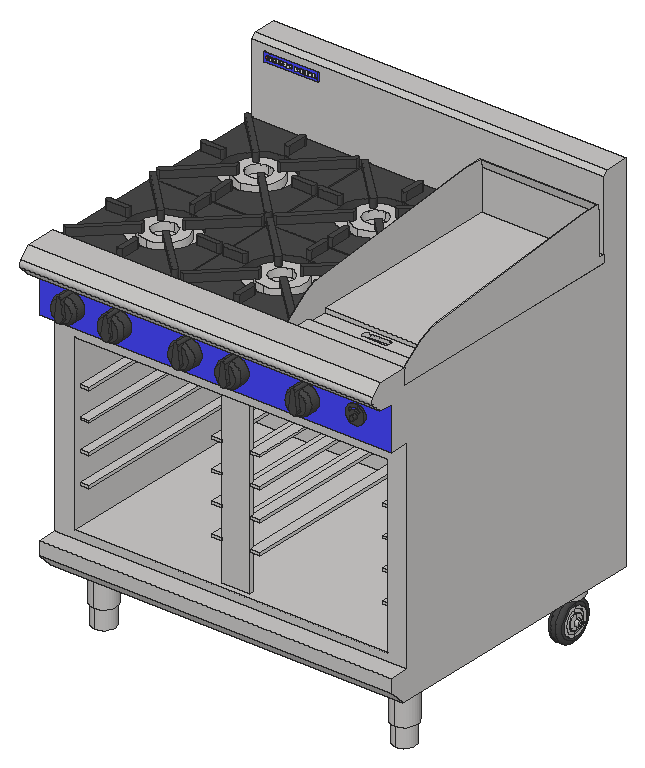
Revit family "QF_MOFFAT_BLUESEAL_CE_G516C-CB", category Specialty Equipment, Revit 2012 (continued)
Definition of nested family "GAS BURNER 600 & GRIDDLE 300"
  Definition of nested family "GAS BURNER 600"
    Automatic sketch dimensions
      Extrusion 3 sketch curve to Extrusion 3 sketch curve = 27 mm  (x2)
      Extrusion 3 sketch curve to Extrusion 3 sketch curve = 30 mm  (x2)
      Extrusion 3 sketch curve to plane 5 "FRONT" = 225.5 mm
      plane 3 "LEFT" to Extrusion 3 sketch curve = 150 mm  (x2)
      plane 4 "RIGHT" to Extrusion 4 sketch curve = 4 mm  (x2)
      plane 1 "BACK" to Extrusion 4 sketch curve = 0 mm
      plane 4 "RIGHT" to Extrusion 4 sketch curve = 1 mm  (x2)
      Extrusion 4 sketch curve to Extrusion 4 sketch curve = 3 mm  (x5)
      plane 8 "Center X" to Extrusion 4 sketch curve = 149 mm
      plane 7 "Center Y" to Extrusion 4 sketch curve = 1 mm  (x2)
      plane 8 "Center X" to Extrusion 4 sketch curve = 2 mm  (x2)
      Extrusion 4 sketch curve to plane 5 "FRONT" = 166.5 mm
      Extrusion 4 sketch curve to plane 5 "FRONT" = 3 mm  (x2)
      plane 4 "RIGHT" to Extrusion 4 sketch curve = 149.991 mm  (x2)
      Extrusion 5 sketch curve to Extrusion 4 = 22.602 mm  (x2)
      Extrusion 5 sketch curve to Extrusion 4 = 25.398 mm  (x2)
      Extrusion 5 sketch curve to Extrusion 5 sketch curve = 4.525 mm  (x16)
      Extrusion 5 sketch curve to Extrusion 5 sketch curve = 49.204 mm  (x4)
      Extrusion 5 sketch curve to Extrusion 5 sketch curve = 55.923 mm  (x5)
      Extrusion 5 sketch curve to Extrusion 5 sketch curve = 0 mm  (x6)
      Extrusion 5 sketch curve to Extrusion 5 sketch curve = 20.524 mm  (x7)
      Extrusion 5 sketch curve to Extrusion 5 sketch curve = 6.4 mm  (x8)
      Extrusion 5 sketch curve to Extrusion 5 sketch curve = 53.847 mm  (x8)
      Extrusion 5 sketch curve to Extrusion 4 = 56.602 mm
      Extrusion 5 sketch curve to Extrusion 4 = 5.102 mm  (x6)
      Extrusion 5 sketch curve to Extrusion 4 = 13.653 mm  (x2)
      Extrusion 5 sketch curve to Extrusion 4 = 7.398 mm  (x2)
      Extrusion 5 sketch curve to Extrusion 4 = 4.602 mm  (x2)
      Extrusion 5 sketch curve to Extrusion 4 = 7.898 mm  (x4)
      Extrusion 5 sketch curve to Extrusion 4 = 31.653 mm  (x2)
      Extrusion 5 sketch curve to Extrusion 4 = 57.102 mm  (x2)
      Extrusion 5 sketch curve to Extrusion 4 = 14.153 mm
      Extrusion 6 sketch curve to Extrusion 6 sketch curve = 0 mm  (x24)
      plane 8 "Center X" to Extrusion 6 sketch curve = 208 mm
      Extrusion 6 sketch curve to Extrusion 6 sketch curve = 27 mm  (x2)
      Extrusion 6 sketch curve to Extrusion 6 sketch curve = 30 mm  (x2)
      Extrusion 6 sketch curve to plane 5 "FRONT" = 225.5 mm
      plane 4 "RIGHT" to Extrusion 6 sketch curve = 150 mm  (x2)
      curve 1 to plane 7 "Center Y" = 123.076 mm
      curve 2 to curve 2 = 4.525 mm
      curve 1 to plane 7 "Center Y" = 15.153 mm
      curve 1 to curve 4 = 4.525 mm
      plane 1 "BACK" to curve 3 = 139.576 mm
      plane 1 "BACK" to curve 4 = 31.653 mm
      curve 7 to plane 7 "Center Y" = 58.102 mm
      curve 8 to plane 7 "Center Y" = 8.898 mm
      curve 8 to curve 2 = 20.524 mm
      curve 6 to curve 5 = 6.4 mm
      plane 7 "Center Y" to curve 9 = 6.102 mm
      curve 9 to curve 12 = 4.525 mm
      plane 7 "Center Y" to curve 10 = 114.025 mm
      curve 10 to curve 10 = 4.525 mm
      curve 5 to curve 10 = 20.524 mm
      curve 3 to curve 9 = 0 mm
      plane 1 "BACK" to curve 13 = 25.398 mm
      curve 10 to curve 13 = 20.524 mm
      curve 13 to curve 16 = 6.4 mm
      curve 14 to curve 15 = 49.204 mm
      curve 11 to curve 17 = 53.847 mm
      curve 18 to curve 18 = 4.525 mm
      plane 4 "RIGHT" to curve 17 = 15.153 mm
      curve 20 to curve 20 = 4.525 mm
      curve 18 to curve 11 = 9.051 mm
      plane 1 "BACK" to curve 20 = 31.653 mm
      plane 4 "RIGHT" to curve 22 = 58.102 mm
      plane 4 "RIGHT" to curve 21 = 8.898 mm
      curve 23 to curve 18 = 33.324 mm
      curve 22 to curve 22 = 6.4 mm
      curve 26 to curve 18 = 9.051 mm
      curve 27 to curve 26 = 4.525 mm
      plane 8 "Center X" to curve 27 = 3.602 mm
      plane 4 "RIGHT" to curve 27 = 15.153 mm
      curve 27 to curve 28 = 4.525 mm
      curve 27 to curve 18 = 62.898 mm
      curve 30 to curve 26 = 31.449 mm
      curve 192 to curve 27 = 21.025 mm
      curve 26 to curve 29 = 31.449 mm
      curve 14 to curve 31 = 0.009 mm
      curve 32 to curve 29 = 29.082 mm
      curve 31 to curve 29 = 2 mm
      curve 29 to curve 33 = 0 mm  (x2)
      curve 29 to curve 34 = 27 mm
      curve 211 to curve 2 = 31.449 mm
      curve 35 to curve 3 = 83.924 mm
      curve 35 to curve 2 = 31.449 mm
      curve 37 to curve 211 = 0.009 mm
      curve 216 to curve 35 = 29.082 mm
      curve 38 to curve 36 = 2 mm
      curve 42 to curve 185 = 6.391 mm
      curve 41 to curve 40 = 6.4 mm
      curve 185 to curve 41 = 9.816 mm
      plane 1 "BACK" to curve 41 = 25.398 mm
      plane 7 "Center Y" to curve 44 = 8.898 mm
      curve 44 to curve 45 = 49.204 mm
      curve 7 to curve 44 = 0 mm
      curve 45 to curve 44 = 6.4 mm
      plane 7 "Center Y" to curve 48 = 6.102 mm
      curve 48 to curve 48 = 4.525 mm
      curve 50 to curve 33 = 35.975 mm
      curve 47 to curve 50 = 4.525 mm
      plane 8 "Center X" to curve 48 = 3.602 mm
      curve 50 to curve 33 = 5.975 mm
      plane 8 "Center X" to curve 53 = 6.398 mm
      curve 53 to curve 32 = 6.409 mm
      curve 53 to curve 54 = 6.4 mm
      curve 52 to curve 32 = 9.316 mm
      plane 1 "BACK" to curve 56 = 0 mm
      plane 7 "Center Y" to curve 57 = 1 mm
      curve 57 to curve 56 = 3 mm
      curve 59 to plane 8 "Center X" = 1 mm
      plane 7 "Center Y" to curve 59 = 4 mm
      plane 4 "RIGHT" to curve 55 = 4 mm
      plane 4 "RIGHT" to curve 59 = 4 mm
      plane 4 "RIGHT" to curve 60 = 1 mm
      plane 1 "BACK" to curve 64 = 0 mm
      curve 66 to plane 8 "Center X" = 1 mm
      plane 3 "LEFT" to curve 66 = 4 mm
      plane 3 "LEFT" to curve 63 = 4 mm
      plane 3 "LEFT" to curve 64 = 1 mm
      curve 70 to plane 7 "Center Y" = 4 mm
      curve 68 to plane 7 "Center Y" = 4 mm
      curve 70 to plane 7 "Center Y" = 1 mm
      plane 5 "FRONT" to curve 74 = 0 mm
      plane 3 "LEFT" to curve 72 = 1 mm
      plane 3 "LEFT" to curve 74 = 4 mm
      curve 71 to curve 66 = 0 mm
      curve 75 to plane 7 "Center Y" = 4 mm
      curve 78 to plane 7 "Center Y" = 4 mm
      curve 77 to plane 7 "Center Y" = 1 mm
      curve 78 to curve 67 = 6 mm
      plane 5 "FRONT" to curve 82 = 0 mm
      plane 7 "Center Y" to curve 80 = 1 mm
      plane 7 "Center Y" to curve 82 = 4 mm
      curve 79 to curve 59 = 0 mm  (x2)
      plane 4 "RIGHT" to curve 83 = 4 mm
      plane 4 "RIGHT" to curve 84 = 1 mm
      curve 78 to curve 80 = 0 mm
      curve 35 to curve 88 = 26.924 mm
      curve 89 to curve 88 = 4.525 mm
      plane 8 "Center X" to curve 90 = 3.602 mm
      curve 90 to curve 68 = 11.153 mm
      curve 89 to curve 90 = 4.525 mm
      curve 35 to curve 89 = 21.025 mm
      plane 3 "LEFT" to curve 94 = 6.102 mm
      curve 94 to curve 94 = 4.525 mm
      curve 92 to curve 38 = 35.966 mm
      curve 92 to curve 92 = 4.525 mm
      plane 8 "Center X" to curve 91 = 3.602 mm
      curve 188 to curve 92 = 21.025 mm
      plane 3 "LEFT" to curve 98 = 8.898 mm
      curve 97 to curve 97 = 49.204 mm
      curve 93 to curve 98 = 20.524 mm
      curve 95 to curve 98 = 6.4 mm
      plane 3 "LEFT" to curve 102 = 6.102 mm
      curve 99 to curve 102 = 4.525 mm
      curve 100 to curve 36 = 35.975 mm
      curve 99 to curve 100 = 4.525 mm
      curve 36 to curve 100 = 26.924 mm
      curve 102 to curve 64 = 28.653 mm
      curve 35 to curve 103 = 0 mm  (x2)
      curve 35 to curve 104 = 27 mm
      curve 107 to curve 38 = 6.391 mm
      curve 107 to curve 108 = 6.4 mm
      plane 8 "Center X" to curve 108 = 6.398 mm
      curve 106 to curve 216 = 9.316 mm
      curve 112 to curve 107 = 0 mm
      curve 111 to curve 110 = 6.4 mm
      curve 111 to plane 8 "Center X" = 60.602 mm
      curve 110 to plane 8 "Center X" = 11.398 mm
      curve 109 to curve 114 = 20.524 mm
      curve 114 to curve 114 = 4.525 mm
      curve 116 to curve 78 = 11.153 mm
      curve 116 to curve 116 = 4.525 mm
      curve 115 to curve 109 = 64.974 mm
      curve 116 to curve 78 = 10.653 mm
      plane 3 "LEFT" to curve 118 = 6.102 mm
      curve 118 to curve 118 = 4.525 mm
      curve 120 to curve 113 = 62.898 mm
      curve 119 to curve 120 = 4.525 mm
      curve 120 to curve 113 = 9.051 mm
      curve 119 to curve 72 = 10.653 mm
      plane 3 "LEFT" to curve 121 = 8.898 mm
      curve 121 to curve 124 = 49.204 mm
      curve 123 to curve 120 = 33.324 mm
      curve 123 to curve 124 = 6.4 mm
      plane 3 "LEFT" to curve 126 = 6.102 mm
      curve 125 to curve 126 = 4.525 mm
      curve 125 to curve 119 = 0 mm
      curve 125 to curve 128 = 4.525 mm
      curve 74 to curve 127 = 19.602 mm
      curve 127 to curve 119 = 62.898 mm
      curve 127 to curve 130 = 20.524 mm
      curve 131 to curve 132 = 6.4 mm
      curve 132 to plane 5 "FRONT" = 25.398 mm
      curve 132 to curve 131 = 47.704 mm
      curve 127 to curve 136 = 53.847 mm
      curve 133 to curve 136 = 4.525 mm
      curve 134 to plane 7 "Center Y" = 15.153 mm
      curve 133 to curve 134 = 4.525 mm
      curve 76 to curve 134 = 19.602 mm
      curve 127 to curve 136 = 0 mm
      curve 208 to curve 130 = 0.009 mm
      curve 130 to curve 208 = 9.316 mm
      curve 137 to curve 120 = 29.949 mm
      curve 137 to curve 200 = 0.009 mm
      curve 208 to curve 139 = 29.082 mm
      curve 137 to curve 203 = 2 mm
      curve 203 to curve 141 = 0 mm  (x2)
      curve 139 to curve 142 = 27 mm
      curve 144 to plane 7 "Center Y" = 58.102 mm
      curve 143 to plane 7 "Center Y" = 8.898 mm
      curve 135 to curve 144 = 20.524 mm
      curve 144 to curve 144 = 6.4 mm
      plane 7 "Center Y" to curve 149 = 6.102 mm
      curve 148 to curve 148 = 4.525 mm
      plane 7 "Center Y" to curve 150 = 114.025 mm
      curve 149 to curve 150 = 4.525 mm
      curve 143 to curve 150 = 20.524 mm
      curve 149 to curve 80 = 10.653 mm
      curve 151 to curve 53 = 0 mm
      curve 151 to curve 154 = 6.4 mm
      curve 152 to plane 8 "Center X" = 60.602 mm
      curve 151 to plane 8 "Center X" = 11.398 mm
      curve 150 to curve 156 = 53.847 mm
      curve 156 to curve 156 = 4.525 mm
      curve 155 to curve 86 = 11.153 mm
      curve 155 to curve 158 = 4.525 mm
      curve 157 to curve 150 = 9.051 mm
      curve 158 to curve 86 = 10.653 mm
      plane 4 "RIGHT" to curve 160 = 58.102 mm
      plane 4 "RIGHT" to curve 159 = 8.898 mm
      curve 161 to curve 156 = 33.324 mm
      curve 160 to curve 160 = 6.4 mm
      curve 164 to curve 156 = 9.051 mm
      curve 164 to curve 164 = 4.525 mm
      plane 4 "RIGHT" to curve 165 = 15.153 mm
      curve 165 to curve 166 = 4.525 mm
      curve 84 to curve 165 = 19.602 mm
      curve 164 to curve 156 = 62.898 mm
      plane 7 "Center Y" to curve 170 = 6.102 mm
      curve 170 to curve 170 = 4.525 mm
      curve 168 to curve 150 = 0 mm
      curve 168 to curve 168 = 4.525 mm  (x2)
      curve 82 to curve 170 = 19.602 mm
      curve 167 to curve 164 = 0 mm
      plane 7 "Center Y" to curve 171 = 8.898 mm
      curve 174 to curve 172 = 49.204 mm
      curve 169 to curve 172 = 20.524 mm
      curve 171 to curve 172 = 6.4 mm
      curve 167 to curve 176 = 20.524 mm
      curve 178 to curve 178 = 6.4 mm
      curve 177 to plane 5 "FRONT" = 25.398 mm
      curve 175 to curve 175 = 47.704 mm
      curve 180 to curve 156 = 31.44 mm
      curve 176 to curve 180 = 9.316 mm
      curve 180 to curve 156 = 29.949 mm
      curve 182 to curve 179 = 0.009 mm
      curve 195 to curve 181 = 29.082 mm
      curve 179 to curve 181 = 2 mm
      curve 181 to curve 183 = 0 mm  (x2)
      curve 181 to curve 184 = 27 mm
      curve 37 to curve 38 = 0 mm  (x2)
      curve 185 to curve 100 = 22.227 mm
      curve 37 to curve 185 = 0 mm
      curve 2 to curve 37 = 22.219 mm
      curve 35 to curve 36 = 0 mm  (x2)
      curve 88 to curve 35 = 3.923 mm
      curve 35 to curve 211 = 0 mm
      curve 193 to curve 92 = 13.004 mm
      curve 29 to curve 30 = 0 mm  (x2)
      curve 189 to curve 10 = 13.126 mm
      curve 29 to curve 189 = 0 mm  (x2)
      curve 18 to curve 190 = 4.076 mm
      curve 29 to curve 190 = 0 mm
      curve 29 to curve 191 = 0 mm  (x2)
      curve 26 to curve 29 = 3.923 mm
      curve 189 to curve 50 = 13.004 mm
      curve 35 to curve 188 = 0 mm
      curve 35 to curve 193 = 0 mm  (x2)
      curve 193 to curve 100 = 13.126 mm
      curve 179 to curve 180 = 0 mm  (x2)
      curve 156 to curve 194 = 33.052 mm
      curve 179 to curve 194 = 0 mm  (x2)
      curve 179 to curve 195 = 0 mm
      curve 181 to curve 198 = 0 mm  (x2)
      curve 164 to curve 181 = 2.142 mm
      curve 181 to curve 196 = 0 mm  (x2)
      curve 198 to curve 168 = 11.581 mm
      curve 181 to curve 182 = 0 mm  (x2)
      curve 182 to curve 150 = 5.985 mm
      curve 181 to curve 197 = 0 mm
      curve 156 to curve 196 = 14.64 mm
      curve 203 to curve 140 = 0 mm  (x2)
      curve 114 to curve 200 = 5.985 mm
      curve 203 to curve 200 = 0 mm
      curve 201 to curve 120 = 14.64 mm
      curve 203 to curve 201 = 0 mm  (x2)
      curve 201 to curve 128 = 11.581 mm
      curve 139 to curve 140 = 0 mm  (x2)
      curve 136 to curve 139 = 2.142 mm
      curve 137 to curve 138 = 0 mm  (x2)
      curve 203 to curve 137 = 9.467 mm
      curve 137 to curve 204 = 0 mm  (x2)
      curve 137 to curve 204 = 8.936 mm
      curve 137 to curve 205 = 0 mm
      curve 205 to curve 140 = 18.13 mm
      curve 206 to curve 205 = 8.937 mm
      curve 206 to curve 205 = 9.165 mm
      curve 137 to curve 206 = 0 mm  (x2)
      curve 138 to curve 201 = 11.124 mm
      curve 139 to curve 202 = 0 mm  (x2)
      curve 202 to curve 202 = 1.784 mm
      curve 137 to curve 208 = 0 mm
      curve 203 to curve 204 = 20.253 mm
      curve 208 to curve 204 = 9.136 mm
      curve 208 to curve 204 = 8.967 mm
      curve 139 to curve 207 = 0 mm
      curve 139 to curve 203 = 9.439 mm
      curve 202 to curve 207 = 4.893 mm
      curve 207 to curve 202 = 4.003 mm
      curve 206 to curve 138 = 9.138 mm
      curve 138 to curve 206 = 8.965 mm
      curve 201 to curve 202 = 2.762 mm
      curve 202 to curve 201 = 2.96 mm
      curve 206 to curve 201 = 18.412 mm
      curve 203 to curve 136 = 6.958 mm
      curve 200 to curve 203 = 8.655 mm
      curve 201 to curve 140 = 9.447 mm
      curve 179 to curve 209 = 0 mm
      curve 210 to curve 182 = 27.057 mm
      curve 179 to curve 210 = 0 mm  (x2)
      curve 180 to curve 197 = 25.774 mm
      curve 181 to curve 199 = 0 mm
      curve 180 to curve 198 = 16.335 mm
      curve 198 to curve 182 = 8.655 mm
      curve 198 to curve 169 = 6.958 mm
      curve 199 to curve 196 = 8.655 mm
      curve 196 to curve 199 = 9.447 mm
      curve 181 to curve 196 = 9.439 mm
      curve 181 to curve 196 = 8.668 mm
      curve 210 to curve 209 = 8.936 mm
      curve 195 to curve 194 = 9.138 mm
      curve 179 to curve 194 = 8.937 mm
      curve 194 to curve 179 = 9.165 mm
      curve 195 to curve 194 = 8.965 mm
      curve 35 to curve 187 = 0 mm  (x2)
      curve 2 to curve 187 = 13.126 mm
      curve 31 to curve 32 = 0 mm  (x2)
      curve 212 to curve 189 = 9.093 mm
      curve 31 to curve 212 = 0 mm
      curve 190 to curve 31 = 18.152 mm
      curve 31 to curve 213 = 0 mm  (x2)
      curve 29 to curve 214 = 19.967 mm
      curve 31 to curve 214 = 0 mm
      curve 31 to curve 215 = 0 mm  (x2)
      curve 32 to curve 192 = 19.959 mm
      curve 31 to curve 213 = 9.204 mm
      curve 29 to curve 192 = 0 mm
      curve 190 to curve 191 = 9.051 mm
      curve 214 to curve 213 = 8.97 mm
      curve 214 to curve 213 = 9.134 mm
      curve 29 to curve 191 = 9.081 mm
      curve 29 to curve 191 = 9.019 mm
      curve 32 to curve 189 = 10.878 mm
      curve 192 to curve 189 = 9.019 mm
      curve 215 to curve 32 = 8.969 mm
      curve 32 to curve 215 = 9.135 mm
      curve 215 to curve 212 = 9.203 mm
      curve 215 to curve 212 = 8.899 mm
      curve 189 to curve 30 = 9.051 mm  (x2)
      curve 37 to curve 186 = 0 mm  (x2)
      curve 187 to curve 186 = 19.847 mm
      curve 37 to curve 216 = 0 mm
      curve 216 to curve 186 = 8.969 mm
      curve 35 to curve 187 = 9.081 mm
      curve 193 to curve 188 = 9.081 mm
      curve 188 to curve 193 = 9.019 mm
      curve 37 to curve 217 = 0 mm  (x2)
      curve 38 to curve 193 = 10.886 mm
      curve 217 to curve 38 = 8.97 mm
      curve 38 to curve 217 = 9.134 mm
      curve 217 to curve 185 = 9.204 mm
      curve 216 to curve 186 = 9.135 mm
      curve 37 to curve 186 = 9.203 mm
      curve 186 to curve 37 = 8.899 mm
      curve 211 to curve 187 = 9.051 mm
      curve 187 to curve 87 = 8.754 mm
      curve 193 to curve 36 = 9.051 mm
      curve 2 to curve 211 = 8.601 mm
      radius of Extrusion 1 sketch curve = 84.082 mm  (x2)
      radius of Extrusion 4 sketch curve = 84.082 mm  (x2)
  Definition of nested family "GAS GRIDDLE PLATE 300"
    Parameters (values of type "GAS GRIDDLE PLATE 300")
      Width [instance] = 300 mm
      Weight in Pounds = 0
      URL Cutsheet = ""
      Type Mark [instance] = ""
      Status [instance] = ""
      Specification by User [instance] = ""
      Specification by Manufacturer = ""
      Serial Number = ""
      Seismic Rating = ""
      SMACNA No = ""
      Revision Code [instance] = ""
      Omniclass Number and Title = ""
      NAFEM Spec ID Number = ""
      Masterspec = ""
      Item Number [instance] = ""
      Installed By [instance] = ""
      Identify Quantity as Lot [instance] = yes
      Furnished By [instance] = ""
      Foodservice Equipment Identifier [instance] = yes
      Depth [instance] = 620 mm
      CSI MasterFormat = ""
      CSI Master Format = ""
    Reference planes
      plane 1 "BACK": y = 0
      plane 2: z = 0
      plane 3 "LEFT": x = 0
      plane 4 "RIGHT": x = 300
      plane 5 "FRONT": y = -620
      plane 6 "TOP": z = 142.5
      plane 7 "Center Y": x = 150
      plane 8 "Center X": y = -310
      plane 9: y = -530.997
      plane 10: y = -541.497
      plane 11: y = -503.25
      plane 12: y = -557.737
    Forms (mm)
      Extrusion 1, solid, material "QF_Finishes_Stainless Steel"
        sketch origin (0, 70.003, -874.5) x (0, 1, 0) y (0, 0, 1)
          loop
            line (-70, 875) -> (-70, 997.489) -> (-75.228, 1017) -> (-117.24, 1017) -> (-589.533, 971.523)
            arc (-589.533, 971.523) -> (-614.56, 965.803) -> (-637.306, 953.899) r 100
            line (-637.306, 953.899) -> (-690.003, 917) -> (-690.003, 875) -> (-70, 875)
        from 0 to 1.8
      Extrusion 2, solid, material "QF_Finishes_Stainless Steel"
        sketch origin (600, 70.003, -874.5) x (0, -1, 0) y (0, 0, 1)
          loop
            line (70, 875) -> (690.003, 875) -> (690.003, 917) -> (637.306, 953.899)
            arc (637.306, 953.899) -> (614.56, 965.803) -> (589.533, 971.523) r 100
            line (589.533, 971.523) -> (117.24, 1017) -> (75.228, 1017) -> (70, 997.489) -> (70, 875)
        from 300 to 301.2
      Extrusion 3, solid, material "QF_Finishes_Stainless Steel"
        sketch origin (150, 70.003, -874.5) x (0, 1, 0) y (0, 0, 1)
          loop
            line (-55, 895) -> (-573.253, 895) -> (-573.253, 884.5) -> (-627.74, 884.5) -> (-627.74, 895) -> (-690.003, 895) -> (-690.003, 875) -> (-55, 875) -> (-55, 895)
        from -148.2 to 150
      Extrusion 4, void
        sketch origin (150, -541.497, 10) x (0, -1, 0) y (1, 0, 0)
          loop
            arc (-7.497, 25) -> (-17.497, 35) -> (-27.497, 25) r 10
            line (-27.497, 25) -> (-27.497, -25)
            arc (-27.497, -25) -> (-17.497, -35) -> (-7.497, -25) r 10
            line (-7.497, -25) -> (-7.497, 25)
        from -41.4 to 40.142
      Extrusion 5, solid, material "QF_Finishes_Stainless Steel"
        sketch origin (0, 70.003, -874.5) x (0, 1, 0) y (0, 0, 1)
          loop
            line (-70, 875) -> (-70, 997.489) -> (-75.228, 1017) -> (-76.884, 1017) -> (-71.6, 997.278) -> (-71.6, 875) -> (-70, 875)
        from 0 to 298.8
    Cuts and joins
      Extrusion 4 cuts Extrusion 3
      joined: Extrusion 1, Extrusion 2, Extrusion 3, Extrusion 5
    Lines and regions (mm)
      symbolic lines
        curve 1: line (300, -503.25, 0) -> (0, -503.25, 0)
        curve 2: line (0, -557.737, 0) -> (300, -557.737, 0)
        curve 3: line (0, -1.68, 0) -> (300, -1.68, 0)
        curve 4: line (300, -1.68, 0) -> (300, -620, 0)
        curve 5: line (0, -620, 0) -> (0, -1.68, 0)
        curve 6: line (0, -620, 0) -> (300, -620, 0)
        curve 7: arc (175, -534, 0) -> (185, -524, 0) -> (175, -514, 0) r 10
        curve 8: line (175, -514, 0) -> (125, -514, 0)
        curve 9: arc (125, -514, 0) -> (115, -524, 0) -> (125, -534, 0) r 10
        curve 10: line (125, -534, 0) -> (175, -534, 0)
    Dimensions and locks
      equal spacing: plane 3 "LEFT", plane 7 "Center Y", plane 4 "RIGHT"
      "Width": plane 3 "LEFT" to plane 4 "RIGHT"
      equal spacing: plane 5 "FRONT", plane 8 "Center X", plane 1 "BACK"
      "Depth": plane 5 "FRONT" to plane 1 "BACK"
      locked: Extrusion 2 to Extrusion 2 at 1.2
      equal spacing: Extrusion 4 sketch curve, plane 7 "Center Y", Extrusion 4 sketch curve, locked at 35 each
      aligned and locked: level to plane 2
      aligned and locked: Extrusion 2 to plane 4 "RIGHT"
      aligned and locked: curve 1 to plane 11
      aligned and locked: plane 12 to curve 2
      aligned and locked: Extrusion 5 to cut or joined group of Extrusion 1, Extrusion 2, Extrusion 3, Extrusion 4, Extrusion 5
    Automatic sketch dimensions
      Extrusion 1 sketch curve to plane 5 "FRONT" = 0 mm
      Extrusion 1 sketch curve to plane 6 "TOP" = 0 mm
      plane 12 to Extrusion 1 sketch curve = 9.566 mm
      plane 11 to Extrusion 1 sketch curve = 16.28 mm
      Extrusion 1 sketch curve to level = 2.516 mm
      plane 11 to Extrusion 1 sketch curve = 6.695 mm
      plane 1 "BACK" to Extrusion 1 sketch curve = 47.237 mm
      plane 1 "BACK" to Extrusion 1 sketch curve = 5.225 mm
      Extrusion 1 sketch curve to plane 1 "BACK" = 0.003 mm
      level to Extrusion 1 sketch curve = 0.5 mm
      Extrusion 1 sketch curve to Extrusion 1 sketch curve = 42 mm
      Extrusion 1 sketch curve to plane 6 "TOP" = 63.101 mm
      Extrusion 1 sketch curve to plane 6 "TOP" = 19.511 mm
      Extrusion 2 sketch curve to plane 6 "TOP" = 0 mm
      Extrusion 2 sketch curve to plane 5 "FRONT" = 0 mm
      plane 12 to Extrusion 2 sketch curve = 9.566 mm
      plane 11 to Extrusion 2 sketch curve = 16.28 mm
      Extrusion 2 sketch curve to level = 2.516 mm
      plane 11 to Extrusion 2 sketch curve = 6.695 mm
      plane 1 "BACK" to Extrusion 2 sketch curve = 47.237 mm
      plane 1 "BACK" to Extrusion 2 sketch curve = 5.225 mm
      Extrusion 2 sketch curve to plane 1 "BACK" = 0.003 mm
      level to Extrusion 2 sketch curve = 0.5 mm
      Extrusion 2 sketch curve to Extrusion 2 sketch curve = 42 mm
      Extrusion 2 sketch curve to plane 6 "TOP" = 63.101 mm
      Extrusion 2 sketch curve to plane 6 "TOP" = 19.511 mm
      Extrusion 3 sketch curve to plane 5 "FRONT" = 0 mm
      Extrusion 3 sketch curve to plane 12 = 0 mm
      Extrusion 3 sketch curve to plane 11 = 0 mm
      Extrusion 3 sketch curve to plane 1 "BACK" = 15.003 mm
      level to Extrusion 3 sketch curve = 0.5 mm
      level to Extrusion 3 sketch curve = 10 mm
      Extrusion 3 sketch curve to Extrusion 3 sketch curve = 10.5 mm  (x2)
      plane 11 to Extrusion 4 sketch curve = 10.75 mm
      Extrusion 4 sketch curve to Extrusion 4 sketch curve = 10 mm
      Extrusion 4 sketch curve to plane 7 "Center Y" = 25 mm
      plane 1 "BACK" to Extrusion 5 sketch curve = 5.225 mm
      Extrusion 5 sketch curve to plane 1 "BACK" = 0.003 mm
      Extrusion 5 sketch curve to plane 6 "TOP" = 19.511 mm
      Extrusion 5 sketch curve to Extrusion 5 sketch curve = 1.6 mm
      Extrusion 5 sketch curve to Extrusion 5 sketch curve = 0.211 mm
      Extrusion 5 sketch curve to plane 6 "TOP" = 0 mm
      Extrusion 5 sketch curve to Extrusion 5 sketch curve = 1.656 mm
      level to Extrusion 5 sketch curve = 0.5 mm
      curve 6 to plane 3 "LEFT" = 0 mm
      curve 4 to plane 4 "RIGHT" = 0 mm
      plane 5 "FRONT" to curve 6 = 0 mm
      plane 11 to curve 8 = 10.75 mm
      curve 8 to plane 7 "Center Y" = 25 mm
      plane 7 "Center Y" to curve 7 = 25 mm
      curve 10 to curve 7 = 20 mm
      plane 1 "BACK" to curve 3 = 1.68 mm
